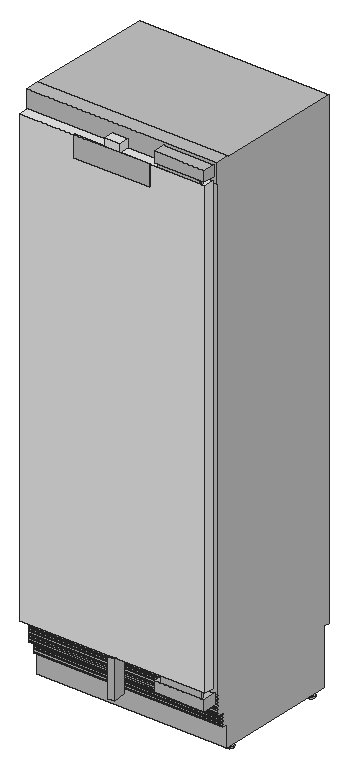
Revit family "FP_Revit_18_RS7621SRK1_Fridge_90001118A", category Specialty Equipment, Revit 2018
Family settings
  Round Connector Dimension = Use Diameter
  Part Type = Normal
  OmniClass Number = 23.40.40.11.11
  OmniClass Title = Refrigerators and Freezers
  Work Plane-Based = No
  Always vertical = Yes
  Cut with Voids When Loaded = Yes
  Shared = No
  Room Calculation Point = No
Parameters (values of type "RS7621SRHK1")
  Visibility - Water Connection = yes
  Visibility - Visibility Control Note = yes
  Visibility - Clearance Required = yes
  URL = "www.fisherpaykel.com"
  Stainless Steel Door Panels (RD7621R10D) = no
  Product - Width = 756 mm  # constant formula
  Product - Height = 2134 mm  # constant formula
  Product - Depth (exl front panel) = 610 mm  # constant formula
  Model = "RS7621SRHK1"
  Material - Handle = Fisher & Paykel - Aluminium
  Material - Door Structure = Fisher & Paykel - White
  Material - Door Front = Fisher & Paykel - Stainless Steel
  Material - Body = Fisher & Paykel - Grey
  Manufacturer = "Fisher & Paykel Appliances"
  Handle Style - Contemporary Square (AHD3-RD21) = no
  Handle Style - Contemporary Round (AHS-RD21) = no
  Description = "76cm Integrated Column Refrigerator with internal water, stainless steel interior"
  Connector Description - Water = "1/2 BSP Stainless steel braided hose"
  Connector Description - Electrical = "230 V,10 A fused electrical supply"
  Cavity - Width = 762 mm  # constant formula
  Cavity - Height = 2134 mm  # constant formula
  Cavity - Depth = 650 mm  # constant formula
Types (3, lengths in mm): name | Visibility - Water Connection | Model | Description | Connector Description - Water
  (no name) | yes | "RS7621SRHK1" | "76cm Integrated Column Refrigerator with internal water, stainless steel interior" | "1/2 BSP Stainless steel braided hose"
  RS7621SRK1 | no | "RS7621SRK1" | "76cm Integrated Column Refrigerator, stainless steel interior" | "Water Supply not required"
  RS7621SRHK1 | yes | "RS7621SRHK1" | "76cm Integrated Column Refrigerator with internal water, stainless steel interior" | "1/2 BSP Stainless steel braided hose"
Reference planes
  plane 1 "Datum": y = 0
  plane 2: z = 0
  plane 3 "Center (Left/Right)": x = 0
  plane 4 "Product LHS": x = -378
  plane 5 "Product RHS": x = 378
  plane 6 "Product - Depth": y = 610
  plane 7 "Cavity LHS": x = -381
  plane 8 "Cavity RHS": x = 381
  plane 9 "Cavity - Depth": y = 628
  plane 10 "Handle Offset": x = -315
  plane 11 "Product Height": z = 2134
  plane 12 "Cavity Height": z = 2134
  plane 13 "Door Panel Datum": y = -4.1
Forms (mm)
  Extrusion 1, solid, material "Fisher & Paykel - Grey" <- "Material - Body", detail levels fine
    sketch origin (0, 0, 0) x (0, 1, 0) y (0, 0, 1)
      loop
        line (100.1, 19.1) -> (587.9, 19.1) -> (587.9, 239.7) -> (610, 239.7) -> (610, 2131.9) -> (105.1, 2131.9) -> (105.1, 2134) -> (49.9, 2134) -> (49.9, 2059) -> (56, 2059) -> (56, 228.6) -> (59.5, 228.6) -> (59.5, 219.7) -> (56.5, 219.7) -> (56.5, 215.9) -> (59.5, 215.9) -> (59.5, 207) -> (56.5, 207) -> (56.5, 203.2) -> (59.5, 203.2) -> (59.5, 194.3) -> (56.5, 194.3) -> (56.5, 190.5) -> (59.5, 190.5) -> (59.5, 181.6) -> (56.5, 181.6) -> (56.5, 177.8) -> (59.5, 177.8) -> (59.5, 168.9) -> (56.5, 168.9) -> (56.5, 165.1) -> (59.5, 165.1) -> (59.5, 156.2) -> (56.5, 156.2) -> (56.5, 152.4) -> (84.1, 152.4) -> (84.1, 143.5) -> (81.1, 143.5) -> (81.1, 139.7) -> (84.1, 139.7) -> (84.1, 130.8) -> (81.1, 130.8) -> (81.1, 127) -> (84.1, 127) -> (84.1, 118.1) -> (81.1, 118.1) -> (81.1, 114.3) -> (84.1, 114.3) -> (84.1, 105.4) -> (81.1, 105.4) -> (81.1, 101.6) -> (100.1, 101.6) -> (100.1, 19.1)
    from -378 to 378
  Extrusion 2, solid, material "Fisher & Paykel - Grey" <- "Material - Body"
    sketch origin (0, 0, 0) x (1, 0, 0) y (0, 1, 0)
      loop
        circle (-357.5, 547.8) r 4.1
      loop
        circle (-357.5, 141.8) r 4.1
      loop
        circle (357.5, 547.8) r 4.1
      loop
        circle (357.5, 141.8) r 4.1
    from 3 to 19.1
  Extrusion 3, solid, material "Fisher & Paykel - Grey" <- "Material - Body"
    sketch origin (0, 0, 0) x (1, 0, 0) y (0, 1, 0)
      loop
        circle (-357.5, 547.8) r 14.5
      loop
        circle (-357.5, 141.8) r 14.555
      loop
        circle (357.5, 547.8) r 14.5
      loop
        circle (357.5, 141.8) r 14.555
    from 0 to 3
  Extrusion 4, solid, material "Fisher & Paykel - Grey" <- "Material - Body", detail levels fine
    sketch origin (0, 0, 0) x (1, 0, 0) y (0, 1, 0)
      loop
        line (-7.5, 49) -> (-13.797, -4.1) -> (13.797, -4.1) -> (7.5, 49) -> (-7.5, 49)
    from 104.2 to 254.2
  Extrusion 5, solid, material "Fisher & Paykel - Grey" <- "Material - Body", detail levels fine
    sketch origin (0, 0, 0) x (1, 0, 0) y (0, 0, 1)
      loop
        line (366.4, 2123.15) -> (168.42, 2123.15) -> (168.42, 2081.05) -> (366.4, 2081.05) -> (366.4, 2123.15)
    from -49 to -2.5
  Extrusion 6, solid, material "Fisher & Paykel - Grey" <- "Material - Body", detail levels fine
    sketch origin (0, 0, 0) x (0, 1, 0) y (0, 0, 1)
      loop
        line (0, 2070.6) -> (0, 1988.6) -> (2, 1988.6) -> (2, 2068.6) -> (4, 2068.6) -> (4, 2070.6) -> (0, 2070.6)
    from -150 to 150
  Extrusion 7, solid, material "Fisher & Paykel - Grey" <- "Material - Body"
    sketch origin (0, 0, 0) x (1, 0, 0) y (0, 0, 1)
      loop
        circle (303, 119.813) r 5
      loop
        circle (-303, 119.813) r 5
    from -590 to -587.9
  Extrusion 8, solid, material "Fisher & Paykel - White" <- "Material - Door Structure"
    sketch origin (0, 0, 0) x (1, 0, 0) y (0, 1, 0)
      loop
        line (-353, 56) -> (-353, 42) -> (353, 42) -> (353, 56) -> (-353, 56)
    from 269.6 to 2030.7
  Extrusion 9, solid, material "Fisher & Paykel - White" <- "Material - Door Structure"
    sketch origin (0, 0, 0) x (1, 0, 0) y (0, 1, 0)
      loop
        line (-369.4, 42) -> (-369.4, 3) -> (369.4, 3) -> (369.4, 42) -> (-369.4, 42)
    from 254.2 to 2068.6
  Extrusion 10, solid, material "Fisher & Paykel - White" <- "Material - Door Structure", detail levels fine
    sketch origin (0, 0, 0) x (1, 0, 0) y (0, 0, 1)
      loop
        line (-29.5, 2100.1) -> (-29.5, 2068.6) -> (29.5, 2068.6) -> (29.5, 2100.1) -> (-29.5, 2100.1)
    from -42 to -3
  Extrusion 11, solid, material "Fisher & Paykel - Stainless Steel" <- "Material - Door Front", visible <- "Stainless Steel Door Panels (RD7621R10D)"
    sketch origin (0, 0, 0) x (0, 1, 0) y (0, 0, 1)
      loop
        line (-22.1, 2130.8) -> (-22.1, 102) -> (-4.1, 102) -> (-4.1, 2130.8) -> (-22.1, 2130.8)
    from -378 to 378
  Extrusion 12, solid, material "Fisher & Paykel - Grey" <- "Material - Body", detail levels coarse+medium
    sketch origin (0, 0, 0) x (0, 1, 0) y (0, 0, 1)
      loop
        line (49.9, 2134) -> (49.9, 2059) -> (56, 2059) -> (56, 152.4) -> (81.1, 152.4) -> (81.1, 101.6) -> (100.1, 101.6) -> (100.1, 19.1) -> (587.9, 19.1) -> (587.9, 239.7) -> (610, 239.7) -> (610, 2134) -> (49.9, 2134)
    from -378 to 378
  Extrusion 13, solid, material "Fisher & Paykel - Grey" <- "Material - Body", detail levels fine
    sketch origin (0, 0, 0) x (1, 0, 0) y (0, 0, 1)
      loop
        line (366.4, 187.65) -> (366.4, 229.75) -> (168.42, 229.75) -> (168.42, 187.65) -> (366.4, 187.65)
    from -56 to -2.5
  Extrusion 14, solid, material "Fisher & Paykel - Grey" <- "Material - Body", detail levels fine
    sketch origin (0, 0, -4) x (0, 1, 0) y (0, 0, 1)
      loop
        arc (163.888, 23.1) -> (180.4, 13.63) -> (196.912, 23.1) r 19.13
        line (196.912, 23.1) -> (163.888, 23.1)
      loop
        arc (493.888, 23.1) -> (510.4, 13.63) -> (526.912, 23.1) r 19.13
        line (526.912, 23.1) -> (493.888, 23.1)
    from 191 to 219
  Extrusion 15, solid, material "Fisher & Paykel - Grey" <- "Material - Body", detail levels fine
    sketch origin (0, 0, -4) x (0, 1, 0) y (0, 0, -1)
      loop
        line (163.888, -23.1) -> (196.912, -23.1)
        arc (196.912, -23.1) -> (180.4, -13.63) -> (163.888, -23.1) r 19.13
      loop
        line (493.888, -23.1) -> (526.912, -23.1)
        arc (526.912, -23.1) -> (510.4, -13.63) -> (493.888, -23.1) r 19.13
    from 191 to 219
  Extrusion 16, solid, material "Fisher & Paykel - Clearance Required", visible <- "Visibility - Clearance Required", detail levels coarse
    sketch origin (0, 0, 0) x (1, 0, 0) y (0, 1, 0)
      loop
        line (-381, 628) -> (-381, -4.1) -> (381, -4.1) -> (381, 628) -> (-381, 628)
    from 0 to 2134
  Extrusion 17, void
    sketch origin (0, 0, 0) x (1, 0, 0) y (0, 1, 0)
      loop
        line (-381, 628) -> (-381, -22.1) -> (381, -22.1) -> (381, 628) -> (-381, 628)
    from 0 to 2134
  Extrusion 18, solid, material "Fisher & Paykel - Grey" <- "Material - Body", detail levels fine
    sketch origin (73, 0, 0) x (1, 0, 0) y (0, 0, 1)
      loop
        line (118.4, 254.2) -> (118.4, 229.75) -> (282.9, 229.75) -> (282.9, 254.2) -> (118.4, 254.2)
      loop
        line (106, 2081.05) -> (106, 2068.6) -> (282.9, 2068.6) -> (282.9, 2076.05) -> (242.9, 2081.05) -> (106, 2081.05)
    from -7 to -4
  Extrusion 19, solid, material "Fisher & Paykel - Clearance Required", visible <- "Visibility - Clearance Required", detail levels coarse
    sketch origin (0, 0, 0) x (1, 0, 0) y (0, 1, 0)
      loop
        line (-328.5, -22) -> (-377.998, -22)
        arc (-377.998, -22) -> (-22.041, -691.901) -> (734.607, -746.265) r 783.526
        line (734.607, -746.265) -> (712.602, -698.95) -> (738.875, -686.699)
        arc (738.875, -686.699) -> (747.815, -662.137) -> (723.253, -653.197) r 18.483
        line (723.253, -653.197) -> (697.006, -665.395) -> (415.929, -60.595)
        arc (415.929, -60.595) -> (380.987, -57.006) -> (378.07, -22) r 27.504
        line (378.07, -22) -> (-328.5, -22)
    from 0 to 2134
Lines and regions (mm)
  model lines, style "Fisher & Paykel"
    curve 1: line (-378, -4.1, 2130.8) -> (378, -4.1, 2130.8)
    curve 2: line (-378, -4.1, 102) -> (-378, -4.1, 2130.8)
    curve 3: line (378, -4.1, 102) -> (-378, -4.1, 102)
    curve 4: line (378, -4.1, 2130.8) -> (378, -4.1, 102)
Text (mm)
  text "Due to ongoing product development, product details are subject to change without notice. \nPlease always refer to www.fisherpaykel.com for the most current product information. \n© Fisher & Paykel 2020" at (41.04, -848.295, 0), in view "Ref. Level (Plan)"
Dimensions and locks
  equal spacing: plane 4 "Product LHS", plane 3 "Center (Left/Right)", plane 5 "Product RHS"
  "Product - Width": plane 4 "Product LHS" to plane 5 "Product RHS"
  "Product - Depth (exl front panel)": plane 1 "Datum" to plane 6 "Product - Depth"
  equal spacing: plane 7 "Cavity LHS", plane 3 "Center (Left/Right)", plane 8 "Cavity RHS"
  "Cavity - Width": plane 7 "Cavity LHS" to plane 8 "Cavity RHS"
  plane 4 "Product LHS" to Extrusion 2 sketch curve = 24.6 mm
  Extrusion 7 sketch curve to Extrusion 1 = 119.887 mm  (x2)
  Extrusion 7 sketch curve to plane 5 "Product RHS" = 75 mm
  plane 4 "Product LHS" to Extrusion 7 sketch curve = 75 mm
  Extrusion 1 sketch curve to Extrusion 1 sketch curve = 82.5 mm
  Extrusion 1 sketch curve to Extrusion 1 sketch curve = 209.5 mm
  Extrusion 1 sketch curve to Extrusion 1 sketch curve = 220.6 mm
  Extrusion 3 to level = 3 mm
  Extrusion 12 to Extrusion 9 = 235.1 mm
  Extrusion 12 to Extrusion 8 = 250.5 mm
  Extrusion 12 to Extrusion 12 = 2114.9 mm
  Extrusion 12 to Extrusion 11 = 82.9 mm
  "Product - Height": level to plane 11 "Product Height"
  plane 11 "Product Height" to Extrusion 11 = 3.2 mm
  Extrusion 9 to plane 11 "Product Height" = 65.4 mm
  Extrusion 8 to plane 11 "Product Height" = 103.3 mm
  Extrusion 12 sketch curve to plane 11 "Product Height" = 75 mm
  Extrusion 1 sketch curve to plane 11 "Product Height" = 2.1 mm
  Extrusion 1 sketch curve to plane 11 "Product Height" = 75 mm
  "Cavity - Height": plane 12 "Cavity Height" to level
  plane 1 "Datum" to Extrusion 16 = 628 mm
  plane 1 "Datum" to Extrusion 17 = 628 mm
  Extrusion 18 sketch curve to Extrusion 18 sketch curve = 40 mm
  Extrusion 18 sketch curve to plane 3 "Center (Left/Right)" = 179 mm
  Extrusion 18 sketch curve to Extrusion 18 sketch curve = 176.9 mm
  Extrusion 18 sketch curve to plane 3 "Center (Left/Right)" = 191.4 mm
  plane 3 "Center (Left/Right)" to Extrusion 18 sketch curve = 355.9 mm
  "Cavity - Depth": Extrusion 17 to Extrusion 19
  Extrusion 19 to plane 1 "Datum" = 22 mm
  radius of Extrusion 7 sketch curve = 5 mm
  aligned and locked: level to plane 2
  aligned and locked: Extrusion 11 to plane 5 "Product RHS"
  aligned and locked: plane 4 "Product LHS" to Extrusion 11
  aligned and locked: Extrusion 12 to plane 5 "Product RHS"
  aligned and locked: Extrusion 12 to plane 4 "Product LHS"
  aligned and locked: Extrusion 12 sketch curve to plane 11 "Product Height"
  aligned and locked: plane 11 "Product Height" to Extrusion 1 sketch curve
  aligned and locked: Extrusion 14 sketch curve to Extrusion 14 sketch curve
  aligned and locked: Extrusion 15 sketch curve to Extrusion 15 sketch curve
  aligned and locked: Extrusion 1 to plane 5 "Product RHS"
  aligned and locked: plane 4 "Product LHS" to Extrusion 1
  aligned and locked: Extrusion 12 sketch curve to Extrusion 1  (x4)
  aligned and locked: Extrusion 2 to Extrusion 1
  aligned and locked: nested 2 to plane 10 "Handle Offset"
  aligned and locked: nested 3 to plane 10 "Handle Offset"
Automatic sketch dimensions
  plane 1 "Datum" to Extrusion 4 sketch curve = 4.1 mm
  Extrusion 4 sketch curve to plane 3 "Center (Left/Right)" = 13.797 mm
  Extrusion 4 sketch curve to plane 3 "Center (Left/Right)" = 7.5 mm
  plane 3 "Center (Left/Right)" to Extrusion 4 sketch curve = 7.5 mm
  plane 3 "Center (Left/Right)" to Extrusion 4 sketch curve = 13.797 mm
  Extrusion 4 sketch curve to plane 1 "Datum" = 49 mm
  Extrusion 6 sketch curve to plane 1 "Datum" = 0 mm
  Extrusion 6 sketch curve to plane 1 "Datum" = 2 mm
  Extrusion 6 sketch curve to Extrusion 6 sketch curve = 2 mm  (x2)
  plane 11 "Product Height" to Extrusion 6 sketch curve = 145.4 mm
  plane 11 "Product Height" to Extrusion 6 sketch curve = 65.4 mm
  Extrusion 10 sketch curve to plane 3 "Center (Left/Right)" = 29.5 mm
  plane 3 "Center (Left/Right)" to Extrusion 10 sketch curve = 29.5 mm
  plane 11 "Product Height" to Extrusion 10 sketch curve = 65.4 mm
  Extrusion 10 sketch curve to Extrusion 10 sketch curve = 31.5 mm
  Extrusion 16 sketch curve to plane 7 "Cavity LHS" = 0 mm
  Extrusion 16 sketch curve to plane 8 "Cavity RHS" = 0 mm
  Extrusion 16 sketch curve to plane 9 "Cavity - Depth" = 0 mm
  plane 1 "Datum" to Extrusion 16 sketch curve = 4.1 mm
  Extrusion 17 sketch curve to plane 7 "Cavity LHS" = 0 mm
  Extrusion 17 sketch curve to plane 8 "Cavity RHS" = 0 mm
  plane 9 "Cavity - Depth" to Extrusion 17 sketch curve = 0 mm
  plane 1 "Datum" to Extrusion 17 sketch curve = 22.1 mm
  Extrusion 1 sketch curve to plane 6 "Product - Depth" = 0 mm
  Extrusion 1 sketch curve to Extrusion 1 sketch curve = 22.1 mm
  Extrusion 1 sketch curve to plane 1 "Datum" = 105.1 mm
  level to Extrusion 1 sketch curve = 19.1 mm
  Extrusion 1 sketch curve to plane 1 "Datum" = 100.1 mm
  Extrusion 1 sketch curve to Extrusion 1 sketch curve = 16 mm
  Extrusion 1 sketch curve to Extrusion 1 sketch curve = 0 mm  (x8)
  Extrusion 1 sketch curve to Extrusion 1 sketch curve = 3 mm  (x10)
  Extrusion 1 sketch curve to plane 1 "Datum" = 59.5 mm
  Extrusion 1 sketch curve to plane 1 "Datum" = 56 mm
  Extrusion 1 sketch curve to plane 1 "Datum" = 49.9 mm
  Extrusion 1 sketch curve to Extrusion 1 sketch curve = 3.8 mm  (x10)
  Extrusion 1 sketch curve to Extrusion 1 sketch curve = 8.9 mm  (x9)
  Extrusion 2 sketch curve to plane 4 "Product LHS" = 20.5 mm  (x2)
  plane 5 "Product RHS" to Extrusion 2 sketch curve = 20.5 mm  (x2)
  Extrusion 2 sketch curve to plane 1 "Datum" = 141.8 mm  (x2)
  Extrusion 2 sketch curve to plane 6 "Product - Depth" = 62.2 mm  (x2)
  Extrusion 3 sketch curve to plane 4 "Product LHS" = 20.5 mm  (x2)
  plane 5 "Product RHS" to Extrusion 3 sketch curve = 20.5 mm  (x2)
  Extrusion 3 sketch curve to plane 1 "Datum" = 141.8 mm  (x2)
  Extrusion 3 sketch curve to plane 6 "Product - Depth" = 62.2 mm  (x2)
  plane 11 "Product Height" to Extrusion 5 sketch curve = 10.85 mm
  Extrusion 5 sketch curve to plane 7 "Cavity LHS" = 549.42 mm
  plane 5 "Product RHS" to Extrusion 5 sketch curve = 11.6 mm
  Extrusion 5 sketch curve to Extrusion 5 sketch curve = 42.1 mm
  Extrusion 8 sketch curve to plane 4 "Product LHS" = 25 mm
  plane 5 "Product RHS" to Extrusion 8 sketch curve = 25 mm
  Extrusion 8 sketch curve to plane 1 "Datum" = 42 mm
  Extrusion 8 sketch curve to Extrusion 8 sketch curve = 14 mm
  Extrusion 9 sketch curve to plane 1 "Datum" = 3 mm
  Extrusion 9 sketch curve to plane 4 "Product LHS" = 8.6 mm
  plane 5 "Product RHS" to Extrusion 9 sketch curve = 8.6 mm
  Extrusion 9 sketch curve to Extrusion 9 sketch curve = 39 mm
  plane 1 "Datum" to Extrusion 11 sketch curve = 22.1 mm
  plane 1 "Datum" to Extrusion 11 sketch curve = 4.1 mm
  level to Extrusion 11 sketch curve = 102 mm
  plane 11 "Product Height" to Extrusion 11 sketch curve = 3.2 mm
  Extrusion 12 sketch curve to plane 6 "Product - Depth" = 0 mm
  Extrusion 12 sketch curve to plane 6 "Product - Depth" = 22.1 mm
  Extrusion 12 sketch curve to plane 1 "Datum" = 100.1 mm
  Extrusion 12 sketch curve to Extrusion 12 sketch curve = 19 mm
  Extrusion 12 sketch curve to plane 1 "Datum" = 56 mm
  Extrusion 12 sketch curve to plane 1 "Datum" = 49.9 mm
  Extrusion 12 sketch curve to Extrusion 12 sketch curve = 50.8 mm
  Extrusion 13 sketch curve to plane 7 "Cavity LHS" = 549.42 mm
  plane 5 "Product RHS" to Extrusion 13 sketch curve = 11.6 mm
  level to Extrusion 13 sketch curve = 187.65 mm
  Extrusion 13 sketch curve to Extrusion 13 sketch curve = 42.1 mm
  level to Extrusion 14 sketch curve = 19.1 mm
  Extrusion 14 sketch curve to plane 1 "Datum" = 163.888 mm
  Extrusion 14 sketch curve to Extrusion 14 sketch curve = 16.512 mm  (x2)
  Extrusion 14 sketch curve to plane 6 "Product - Depth" = 116.112 mm
  Extrusion 14 sketch curve to Extrusion 14 sketch curve = 9.66 mm  (x2)
  level to Extrusion 15 sketch curve = 19.1 mm
  Extrusion 15 sketch curve to plane 1 "Datum" = 163.888 mm
  Extrusion 15 sketch curve to Extrusion 15 sketch curve = 16.512 mm  (x2)
  Extrusion 15 sketch curve to plane 6 "Product - Depth" = 116.112 mm
  Extrusion 15 sketch curve to Extrusion 15 sketch curve = 9.66 mm  (x2)
  level to Extrusion 18 sketch curve = 229.75 mm
  Extrusion 18 sketch curve to Extrusion 18 sketch curve = 24.45 mm
  plane 11 "Product Height" to Extrusion 18 sketch curve = 65.4 mm
  Extrusion 18 sketch curve to Extrusion 18 sketch curve = 7.45 mm
  Extrusion 18 sketch curve to Extrusion 18 sketch curve = 5 mm
  Extrusion 19 sketch curve to plane 4 "Product LHS" = 0.002 mm
  plane 10 "Handle Offset" to Extrusion 19 sketch curve = 13.5 mm
  Extrusion 19 sketch curve to plane 5 "Product RHS" = 0.07 mm
  Extrusion 19 sketch curve to plane 8 "Cavity RHS" = 19.621 mm
  Extrusion 19 sketch curve to Extrusion 19 sketch curve = 4.795 mm
  Extrusion 19 sketch curve to Extrusion 19 sketch curve = 10.514 mm
  Extrusion 19 sketch curve to plane 8 "Cavity RHS" = 316.006 mm
  Extrusion 19 sketch curve to Extrusion 19 sketch curve = 15.596 mm
  Extrusion 19 sketch curve to Extrusion 19 sketch curve = 26.247 mm
  Extrusion 19 sketch curve to Extrusion 19 sketch curve = 7.811 mm  (x2)
  Extrusion 19 sketch curve to Extrusion 19 sketch curve = 22.005 mm
  plane 1 "Datum" to Extrusion 19 sketch curve = 746.265 mm
  Extrusion 19 sketch curve to Extrusion 19 sketch curve = 47.315 mm
  Extrusion 19 sketch curve to Extrusion 19 sketch curve = 12.251 mm
  Extrusion 19 sketch curve to Extrusion 19 sketch curve = 16.751 mm
  Extrusion 19 sketch curve to Extrusion 19 sketch curve = 12.198 mm
  Extrusion 19 sketch curve to Extrusion 19 sketch curve = 22.85 mm
  plane 5 "Product RHS" to curve 1 = 0 mm
  plane 4 "Product LHS" to curve 3 = 0 mm
  level to curve 3 = 102 mm
  plane 11 "Product Height" to curve 2 = 3.2 mm
  radius of Extrusion 2 sketch curve = 4.1 mm  (x3)
  radius of Extrusion 3 sketch curve = 14.5 mm  (x2)
  radius of Extrusion 3 sketch curve = 14.555 mm  (x2)
  radius of Extrusion 7 sketch curve = 5 mm
Nested families
  nested 1: "Visibility Control Note 18" at (0, 0, 0), visible <- "Visibility - Visibility Control Note", type "Visibility Control Note 18"
  nested 2: "Handle Contemporary Round - Vertical" at (-315, -22.1, 1242.58), visible <- "Handle Style - Contemporary Round (AHS-RD21)", type "AHS-RD21 - Contemporary round handle (Vertical) 852mm"
  nested 3: "Handle Contemporary Square - Vertical" at (-315, -22.1, 1242.58), visible <- "Handle Style - Contemporary Square (AHD3-RD21)", type "AHD3-RD21 - Contemporary square handle (Vertical) 852mm"
Connectors
  electrical at (-303, 590, 119.813), driven by "Connector Description - Electrical"
    settings: on Extrusion 7, index 1, voltage 230 V, apparent load 0 VA, apparent load phase1 0 VA, apparent load phase2 0 VA, apparent load phase3 0 VA, power factor 1, load classification "Other", number of poles 1, system type 30, power factor state 1, is connector primary yes, connector utility no, sub classification motor no, connector description "230 V,10 A fused electrical supply"
  piping at (303, 590, 119.813), diameter 12.7, driven by "Visibility - Water Connection", driven by "Connector Description - Water"
    settings: on Extrusion 7, index 2, connector inside diameter 609.6 mm, connector length 0 mm, flow factor 0, pipe flow 0.0 L/s, pressure drop 0.0 Pa, fitting loss kfactor 0, connector angle 0.00°, fixture units 0, engagement length 0 mm, angle of deflection 0.00°, flow configuration 0, flow direction 1, fitting loss method 0, system type 20, joint type 0, gender type 0, connector reference index -1, connector utility 1, adjustable connector no, is connector primary yes, connector description "1/2 BSP Stainless steel braided hose"
Definition of nested family "Handle Contemporary Round - Vertical"
  Parameters (values of type "AHSRS80A - Contemporary round handle (1 of 2) (Vertical) 727mm")
    URL = "www.fisherpaykel.com"
    Material - Handle = none
    Manufacturer = "Fisher & Paykel Appliances"
    Handle - Length = 727 mm
  Types (6, lengths in mm): name | Handle - Length
    AHS-RD21 - Contemporary round handle (Vertical) 852mm | 852
    AHSRD2484W - Contemporary round handle (1 of 2) (Vertical) 727mm | 727
    AHSRD3084W - Contemporary round handle (1 of 2) (Vertical) 727mm | 727
    AHS-RD84 - Contemporary round handle (Vertical) 852mm | 852
    AHSRS3272A - Contemporary round handle (1 of 2) (Vertical) 727mm | 727
    AHSRS80A - Contemporary round handle (1 of 2) (Vertical) 727mm | 727
  Reference planes
    plane 1 "Center (Front/Back)": y = 0
    plane 2: z = 0
    plane 3 "Center (Left/Right)": x = 0
    plane 4 "Top": z = 363.5
    plane 5 "Bottom": z = -363.5
    plane 6 "Top Standoff": z = 243.5
    plane 7 "Bottom Standoff": z = -243.5
  Forms (mm)
    Extrusion 1, solid, material <- "Material - Handle"
      sketch origin (0, 0, 0) x (1, 0, 0) y (0, 1, 0)
        loop
          circle (0, -32.3) r 8.7
      from -243.5 to 243.5
    Extrusion 2, solid, material <- "Material - Handle", detail levels fine
      sketch origin (0, 0, 0) x (1, 0, 0) y (0, 1, 0)
        loop
          line (-8.7, 0) -> (-8.7, -32.3)
          arc (-8.7, -32.3) -> (0, -41) -> (8.7, -32.3) r 8.7
          line (8.7, -32.3) -> (8.7, 0) -> (-8.7, 0)
      from 243.5 to 363.5
    Extrusion 3, solid, material <- "Material - Handle", detail levels fine
      sketch origin (0, 0, 0) x (1, 0, 0) y (0, 1, 0)
        loop
          line (-8.7, 0) -> (-8.7, -32.3)
          arc (-8.7, -32.3) -> (0, -41) -> (8.7, -32.3) r 8.7
          line (8.7, -32.3) -> (8.7, 0) -> (-8.7, 0)
      from -363.5 to -243.5
    Sweep 4, void
      path in 3D
        loop
          line (8.7, 0, -363.5) -> (8.7, -32.3, -363.5)
          arc (8.7, -32.3, -363.5) -> (0, -41, -363.5) -> (-8.7, -32.3, -363.5) r 8.7
          line (-8.7, -32.3, -363.5) -> (-8.7, 0, -363.5)
      profile origin (8.7, -16.15, -363.5) x (-1, 0, 0) y (0, 0, -1)
        loop
          line (0, 0) -> (0, -1) -> (1, 0) -> (0, 0)
    Sweep 5, void
      path in 3D
        loop
          line (-8.7, 0, 363.5) -> (-8.7, -32.3, 363.5)
          arc (-8.7, -32.3, 363.5) -> (0, -41, 363.5) -> (8.7, -32.3, 363.5) r 8.7
          line (8.7, -32.3, 363.5) -> (8.7, 0, 363.5)
      profile origin (8.7, -16.15, 363.5) x (-1, 0, 0) y (0, 0, 1)
        loop
          line (0, 0) -> (0, -1) -> (1, 0) -> (0, 0)
    Extrusion 6, solid, material <- "Material - Handle", detail levels coarse+medium
      sketch origin (0, 0, 0) x (1, 0, 0) y (0, 1, 0)
        loop
          line (-8.7, 0) -> (-8.7, -32.3)
          arc (-8.7, -32.3) -> (0, -41) -> (8.7, -32.3) r 8.7
          line (8.7, -32.3) -> (8.7, 0) -> (-8.7, 0)
      from 243.5 to 363.5
    Extrusion 7, solid, material <- "Material - Handle", detail levels coarse+medium
      sketch origin (0, 0, 0) x (1, 0, 0) y (0, 1, 0)
        loop
          line (-8.7, 0) -> (-8.7, -32.3)
          arc (-8.7, -32.3) -> (0, -41) -> (8.7, -32.3) r 8.7
          line (8.7, -32.3) -> (8.7, 0) -> (-8.7, 0)
      from -363.5 to -243.5
  Cuts and joins
    Sweep 4 cuts Extrusion 3
    Sweep 5 cuts Extrusion 2
  Lines and regions (mm)
    sketch lines
      curve 1: line (8.7, 0, -363.5) -> (8.7, -32.3, -363.5)
      curve 2: arc (-8.7, -32.3, -363.5) -> (0, -41, -363.5) -> (8.7, -32.3, -363.5) r 8.7
      curve 3: line (-8.7, -32.3, -363.5) -> (-8.7, 0, -363.5)
      curve 4: line (8.7, -32.3, 363.5) -> (8.7, 0, 363.5)
      curve 5: arc (8.7, -32.3, 363.5) -> (0, -41, 363.5) -> (-8.7, -32.3, 363.5) r 8.7
      curve 6: line (-8.7, 0, 363.5) -> (-8.7, -32.3, 363.5)
  Dimensions and locks
    equal spacing: plane 4 "Top", level, plane 5 "Bottom"
    "Handle - Length": plane 4 "Top" to plane 5 "Bottom"
    locked: plane 4 "Top" to plane 6 "Top Standoff" at 120
    locked: plane 7 "Bottom Standoff" to plane 5 "Bottom" at 120
    Extrusion 2 sketch curve to Extrusion 2 sketch curve = 17.4 mm
    Extrusion 3 sketch curve to Extrusion 3 sketch curve = 17.4 mm
    Extrusion 6 sketch curve to Extrusion 6 sketch curve = 17.4 mm
    Extrusion 7 sketch curve to Extrusion 7 sketch curve = 17.4 mm
    aligned and locked: level to plane 2
    aligned and locked: plane 4 "Top" to Extrusion 2
    aligned and locked: Extrusion 3 to plane 5 "Bottom"
    aligned and locked: plane 7 "Bottom Standoff" to Extrusion 3
    aligned and locked: Extrusion 1 to plane 7 "Bottom Standoff"
    aligned and locked: plane 6 "Top Standoff" to Extrusion 1
    aligned and locked: Extrusion 2 to Extrusion 1
    aligned and locked: Extrusion 6 to Extrusion 1
    aligned and locked: plane 4 "Top" to Extrusion 6
    aligned and locked: Extrusion 7 to Extrusion 1
    aligned and locked: Extrusion 7 to plane 5 "Bottom"
  Automatic sketch dimensions
    Extrusion 1 sketch curve to plane 3 "Center (Left/Right)" = 0 mm
    plane 1 "Center (Front/Back)" to Extrusion 1 sketch curve = 32.3 mm
    plane 1 "Center (Front/Back)" to Extrusion 2 sketch curve = 0 mm
    Extrusion 2 sketch curve to plane 3 "Center (Left/Right)" = 0 mm
    Extrusion 2 sketch curve to plane 3 "Center (Left/Right)" = 8.7 mm
    plane 1 "Center (Front/Back)" to Extrusion 2 sketch curve = 32.3 mm
    plane 1 "Center (Front/Back)" to Extrusion 3 sketch curve = 0 mm
    Extrusion 3 sketch curve to plane 3 "Center (Left/Right)" = 0 mm
    Extrusion 3 sketch curve to plane 3 "Center (Left/Right)" = 8.7 mm
    plane 1 "Center (Front/Back)" to Extrusion 3 sketch curve = 32.3 mm
    Sweep 4 sketch curve to profile plane = 0 mm  (x2)
    Sweep 4 sketch curve to profile plane = 1 mm  (x2)
    Sweep 5 sketch curve to profile plane = 0 mm  (x2)
    Sweep 5 sketch curve to profile plane = 1 mm  (x2)
    Extrusion 6 sketch curve to plane 3 "Center (Left/Right)" = 0 mm
    Extrusion 6 sketch curve to plane 3 "Center (Left/Right)" = 8.7 mm
    plane 1 "Center (Front/Back)" to Extrusion 6 sketch curve = 32.3 mm
    Extrusion 6 sketch curve to Extrusion 6 sketch curve = 32.3 mm
    Extrusion 7 sketch curve to plane 3 "Center (Left/Right)" = 0 mm
    Extrusion 7 sketch curve to plane 3 "Center (Left/Right)" = 8.7 mm
    plane 1 "Center (Front/Back)" to Extrusion 7 sketch curve = 32.3 mm
    Extrusion 7 sketch curve to Extrusion 7 sketch curve = 32.3 mm
    radius of Extrusion 1 sketch curve = 8.7 mm
Definition of nested family "Handle Contemporary Square - Vertical"
  Parameters (values of type "AHD3RS80A - Contemporary square handle (1 of 2) (Vertical) 727mm")
    URL = "www.fisherpaykel.com"
    Material - Handle = none
    Manufacturer = "Fisher & Paykel Appliances"
    Handle - Length = 727 mm
  Types (7, lengths in mm): name | Handle - Length
    (no name) | 727
    AHD3-RD21 - Contemporary square handle (Vertical) 852mm | 852
    AHD3RD2484W - Contemporary square handle (1 of 2) (Vertical) 727mm | 727
    AHD3RD3084W - Contemporary square handle (1 of 2) (Vertical) 727mm | 727
    AHD3-RD84 - Contemporary square handle (Vertical) 852mm | 852
    AHD3RS3272A - Contemporary square handle (1 of 2) (Vertical) 727mm | 727
    AHD3RS80A - Contemporary square handle (1 of 2) (Vertical) 727mm | 727
  Reference planes
    plane 1 "Center (Front/Back)": y = 0
    plane 2: z = 0
    plane 3 "Center (Left/Right)": x = 0
    plane 4 "Top": z = 363.5
    plane 5 "Bottom": z = -363.5
    plane 6 "Top Standoff": z = 243.5
    plane 7 "Bottom Standoff": z = -243.5
  Forms (mm)
    Extrusion 1, solid, material <- "Material - Handle", detail levels fine
      sketch origin (0, 0, 0) x (1, 0, 0) y (0, 1, 0)
        loop
          arc (-7.583, -28.701) -> (-7.89, -29.057) -> (-8, -29.514) r 1
          line (-8, -29.514) -> (-8, -40.5)
          arc (-8, -40.5) -> (-7.561, -41.561) -> (-6.5, -42) r 1.5
          line (-6.5, -42) -> (6.5, -42)
          arc (6.5, -42) -> (7.561, -41.561) -> (8, -40.5) r 1.5
          line (8, -40.5) -> (8, -29.487)
          arc (8, -29.487) -> (7.889, -29.029) -> (7.58, -28.673) r 1
          arc (7.58, -28.673) -> (-0.006, -26.256) -> (-7.583, -28.701) r 13.038
      from -363.5 to 363.5
    Extrusion 2, solid, material <- "Material - Handle", detail levels fine
      sketch origin (0, 0, 0) x (1, 0, 0) y (0, 1, 0)
        loop
          arc (7.058, -28.23) -> (7.466, -28.244) -> (7.674, -27.893) r 0.4
          line (7.674, -27.893) -> (7.674, 0) -> (-7.674, 0) -> (-7.674, -27.86)
          arc (-7.674, -27.86) -> (-7.467, -28.21) -> (-7.06, -28.198) r 0.4
          arc (-7.06, -28.198) -> (0.004, -26.156) -> (7.058, -28.23) r 13.136
      from 243.5 to 363.5
    Extrusion 3, solid, material <- "Material - Handle", detail levels fine
      sketch origin (0, 0, 0) x (1, 0, 0) y (0, 1, 0)
        loop
          arc (7.058, -28.23) -> (7.466, -28.244) -> (7.674, -27.893) r 0.4
          line (7.674, -27.893) -> (7.674, 0) -> (-7.674, 0) -> (-7.674, -27.86)
          arc (-7.674, -27.86) -> (-7.467, -28.21) -> (-7.06, -28.198) r 0.4
          arc (-7.06, -28.198) -> (0.004, -26.156) -> (7.058, -28.23) r 13.136
      from -363.5 to -243.5
    Sweep 4, void
      path in 3D
        loop
          line (-8, -29.514, 363.5) -> (-8, -40.5, 363.5)
          arc (-8, -40.5, 363.5) -> (-7.561, -41.561, 363.5) -> (-6.5, -42, 363.5) r 1.5
          line (-6.5, -42, 363.5) -> (6.5, -42, 363.5)
          arc (6.5, -42, 363.5) -> (7.561, -41.561, 363.5) -> (8, -40.5, 363.5) r 1.5
          line (8, -40.5, 363.5) -> (8, -29.487, 363.5)
      profile origin (8, -34.994, 363.5) x (-1, 0, 0) y (0, 0, 1)
        loop
          line (0, 0) -> (0, -1.3) -> (1.3, 0) -> (0, 0)
    Sweep 5, void
      path in 3D
        loop
          line (8, -29.487, -363.5) -> (8, -40.5, -363.5)
          arc (8, -40.5, -363.5) -> (7.561, -41.561, -363.5) -> (6.5, -42, -363.5) r 1.5
          line (6.5, -42, -363.5) -> (-6.5, -42, -363.5)
          arc (-6.5, -42, -363.5) -> (-7.561, -41.561, -363.5) -> (-8, -40.5, -363.5) r 1.5
          line (-8, -40.5, -363.5) -> (-8, -29.514, -363.5)
      profile origin (8, -34.994, -363.5) x (-1, 0, 0) y (0, 0, -1)
        loop
          line (0, 0) -> (0, -1.3) -> (1.3, 0) -> (0, 0)
    Extrusion 6, void
      sketch origin (0, 0, 0) x (1, 0, 0) y (0, 0, 1)
        loop
          line (-8, -362.2) -> (-8, -363.5) -> (-6.7, -363.5) -> (-8, -362.2)
        loop
          line (8, -362.2) -> (6.7, -363.5) -> (8, -363.5) -> (8, -362.2)
      from 0 to 40
    Extrusion 7, void
      sketch origin (0, 0, 0) x (1, 0, 0) y (0, 0, 1)
        loop
          line (-8, 363.5) -> (-8, 362.2) -> (-6.7, 363.5) -> (-8, 363.5)
        loop
          line (8, 363.5) -> (6.7, 363.5) -> (8, 362.2) -> (8, 363.5)
      from 0 to 40
    Extrusion 8, solid, material <- "Material - Handle", detail levels coarse+medium
      sketch origin (0, 0, 0) x (0, 1, 0) y (0, 0, 1)
        loop
          line (0, 363.5) -> (-42, 363.5) -> (-42, -363.5) -> (0, -363.5) -> (0, -243.5) -> (-26.245, -243.5) -> (-26.245, 243.5) -> (0, 243.5) -> (0, 363.5)
      from -8 to 8
  Cuts and joins
    Sweep 4, Sweep 5, Extrusion 6, Extrusion 7 cuts Extrusion 1
    Extrusion 6 cuts Extrusion 3
    Extrusion 7 cuts Extrusion 2
  Lines and regions (mm)
    sketch lines
      curve 1: line (8, -40.5, 363.5) -> (8, -29.487, 363.5)
      curve 2: arc (8, -40.5, 363.5) -> (7.561, -41.561, 363.5) -> (6.5, -42, 363.5) r 1.5
      curve 3: line (-6.5, -42, 363.5) -> (6.5, -42, 363.5)
      curve 4: arc (-6.5, -42, 363.5) -> (-7.561, -41.561, 363.5) -> (-8, -40.5, 363.5) r 1.5
      curve 5: line (-8, -29.514, 363.5) -> (-8, -40.5, 363.5)
      curve 6: line (8, -29.487, -363.5) -> (8, -40.5, -363.5)
      curve 7: arc (6.5, -42, -363.5) -> (7.561, -41.561, -363.5) -> (8, -40.5, -363.5) r 1.5
      curve 8: line (6.5, -42, -363.5) -> (-6.5, -42, -363.5)
      curve 9: arc (-8, -40.5, -363.5) -> (-7.561, -41.561, -363.5) -> (-6.5, -42, -363.5) r 1.5
      curve 10: line (-8, -40.5, -363.5) -> (-8, -29.514, -363.5)
  Dimensions and locks
    equal spacing: plane 4 "Top", level, plane 5 "Bottom"
    "Handle - Length": plane 4 "Top" to plane 5 "Bottom"
    locked: plane 4 "Top" to plane 6 "Top Standoff" at 120
    locked: plane 7 "Bottom Standoff" to plane 5 "Bottom" at 120
    aligned and locked: level to plane 2
    aligned and locked: plane 4 "Top" to Extrusion 2
    aligned and locked: Extrusion 2 to plane 6 "Top Standoff"
    aligned and locked: plane 4 "Top" to Extrusion 1
    aligned and locked: Extrusion 1 to plane 5 "Bottom"
    aligned and locked: Extrusion 3 to plane 5 "Bottom"
    aligned and locked: plane 7 "Bottom Standoff" to Extrusion 3
    aligned and locked: plane 4 "Top" to Extrusion 8 sketch curve
    aligned and locked: plane 6 "Top Standoff" to Extrusion 8 sketch curve
    aligned and locked: plane 7 "Bottom Standoff" to Extrusion 8 sketch curve
    aligned and locked: plane 5 "Bottom" to Extrusion 8 sketch curve
    aligned and locked: plane 1 "Center (Front/Back)" to Extrusion 8 sketch curve  (x2)
  Automatic sketch dimensions
    Extrusion 1 sketch curve to plane 3 "Center (Left/Right)" = 8 mm
    Extrusion 1 sketch curve to Extrusion 1 sketch curve = 1 mm  (x2)
    Extrusion 1 sketch curve to Extrusion 1 sketch curve = 1.5 mm
    plane 3 "Center (Left/Right)" to Extrusion 1 sketch curve = 0.018 mm
    plane 3 "Center (Left/Right)" to Extrusion 1 sketch curve = 6.5 mm
    plane 3 "Center (Left/Right)" to Extrusion 1 sketch curve = 7 mm
    plane 1 "Center (Front/Back)" to Extrusion 1 sketch curve = 42 mm
    Extrusion 1 sketch curve to Extrusion 1 sketch curve = 1.206 mm
    Extrusion 1 sketch curve to Extrusion 1 sketch curve = 10.986 mm
    Extrusion 1 sketch curve to Extrusion 1 sketch curve = 11.013 mm
    Extrusion 1 sketch curve to Extrusion 1 sketch curve = 0 mm
    plane 1 "Center (Front/Back)" to Extrusion 2 sketch curve = 0 mm
    Extrusion 2 sketch curve to plane 3 "Center (Left/Right)" = 7.674 mm
    Extrusion 2 sketch curve to Extrusion 2 sketch curve = 0.4 mm  (x2)
    Extrusion 2 sketch curve to plane 3 "Center (Left/Right)" = 0.026 mm
    plane 3 "Center (Left/Right)" to Extrusion 2 sketch curve = 7.274 mm
    plane 1 "Center (Front/Back)" to Extrusion 2 sketch curve = 27.86 mm
    Extrusion 2 sketch curve to Extrusion 2 sketch curve = 0.033 mm
    Extrusion 2 sketch curve to Extrusion 2 sketch curve = 11.398 mm
    Extrusion 2 sketch curve to Extrusion 2 sketch curve = 0 mm
    plane 1 "Center (Front/Back)" to Extrusion 3 sketch curve = 0 mm
    Extrusion 3 sketch curve to Extrusion 3 sketch curve = 0.4 mm  (x2)
    Extrusion 3 sketch curve to Extrusion 3 sketch curve = 7.248 mm
    Extrusion 3 sketch curve to Extrusion 3 sketch curve = 7.3 mm
    plane 1 "Center (Front/Back)" to Extrusion 3 sketch curve = 27.86 mm
    Extrusion 3 sketch curve to Extrusion 3 sketch curve = 0.033 mm
    Extrusion 3 sketch curve to Extrusion 3 sketch curve = 11.398 mm
    Extrusion 3 sketch curve to Extrusion 3 sketch curve = 0 mm
    Sweep 4 sketch curve to profile plane = 0 mm  (x2)
    Sweep 4 sketch curve to profile plane = 1.3 mm  (x2)
    Sweep 5 sketch curve to profile plane = 0 mm  (x2)
    Sweep 5 sketch curve to profile plane = 1.3 mm  (x2)
    Extrusion 6 sketch curve to plane 5 "Bottom" = 0 mm  (x2)
    plane 5 "Bottom" to Extrusion 6 sketch curve = 1.3 mm  (x2)
    Extrusion 6 sketch curve to plane 3 "Center (Left/Right)" = 8 mm
    Extrusion 6 sketch curve to Extrusion 6 sketch curve = 1.3 mm  (x2)
    plane 3 "Center (Left/Right)" to Extrusion 6 sketch curve = 8 mm
    Extrusion 7 sketch curve to plane 4 "Top" = 0 mm  (x2)
    Extrusion 7 sketch curve to plane 3 "Center (Left/Right)" = 8 mm
    Extrusion 7 sketch curve to Extrusion 7 sketch curve = 1.3 mm  (x2)
    plane 3 "Center (Left/Right)" to Extrusion 7 sketch curve = 8 mm
    Extrusion 7 sketch curve to plane 4 "Top" = 1.3 mm  (x2)
    plane 1 "Center (Front/Back)" to Extrusion 8 sketch curve = 26.245 mm
    plane 1 "Center (Front/Back)" to Extrusion 8 sketch curve = 42 mm
    Extrusion 3 sketch curve to plane 3 "Center (Left/Right)" = 7.674 mm
Definition of nested family "Visibility Control Note 18"
  Types (3): name
    New
    Resolved
    Active
  Reference planes
    plane 1: y = 0
    plane 2: x = 0
  Text (mm)
    text "Edit Type: \nTo control handle kit \nand door panel visibility\n options\n\nDelete unwanted kits \nto reduce file size" at (-0.165, 35.556, 0)
